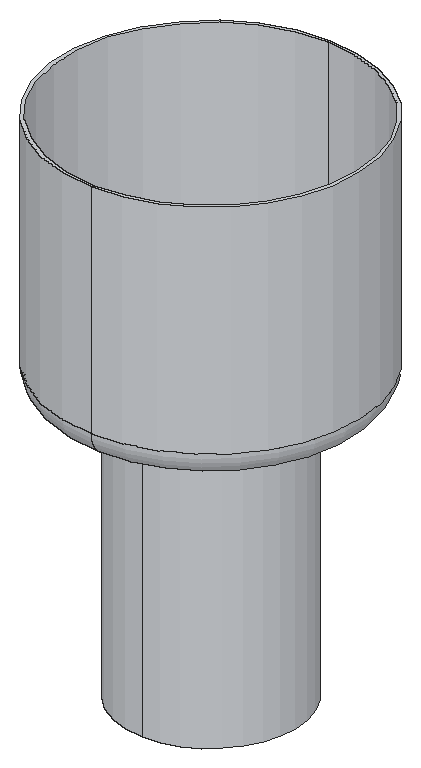
Revit family "RS565.100", category Sanitärinstallationen, Revit 2020
Family settings
  Bemaßung runder Anschluss = Durchmesser verwenden
  Teiletyp = Normal
  Arbeitsebenenbasiert = Nein
  Immer vertikal = Ja
  Beim Laden mit Abzugskörper schneiden = Nein
  Gemeinsam genutzt = Nein
  Raumberechnungspunkt = Nein
Parameters
  Übergangsbride [instance] = no
  Vorgabe-Ansicht = 0 mm
  URL = "https://www.resitec.ch/"
  RSsp_H1 [instance] = Höhe - 23 mm  # 335 mm
  RS_s001 = 2 mm
  RS_dimH-mountplate [instance] = 110 mm
  RS_dimH-Rost [instance] = 69 mm
  RS_dim001 = 80.135 mm
  RS_dim002 = 142 mm
  RS_dim003 = RS_dim001 + 5 mm  # 85.135 mm
  RS_dia002 = 150 mm
  RS_dia001 = 245 mm  # constant formula
  RS_DVol-T = 345 mm
  RS_DVol-L = 345 mm
  RS_DN2 = 0 mm
  RS_DN1d = 110 mm
  RS_DN1 = 100 mm
  RS_AVol-T = 129 mm
  RS_AVol-L = 129 mm
  RS_AVol-H = 200 mm
  RS_URL = "https://resitec.ch/entwaesserungstechnik/glockensifons/?tx_resitecprodukte_produktliste%5Bprodukt%5D=81&tx_resitecprodukte_produktliste%5Baction%5D=show&tx_resitecprodukte_produktliste%5Bcontroller%5D=Produkt&cHash=6d57d6ed01fa84a4cd1852db563116bd"
  RS_Rost_h1 [instance] = 23 mm  # constant formula
  RS_Rost_Typ [instance] = "RS511.2.145"
  RS_Manufacture = "Resitec"  # constant formula
  RS_Description [instance] = "Bodenablauf aus rostfreiem Stahl 1.4404 gebeizt, Typ RS 500K/100 mit Schlitzrost barfuss begehbar."
  RS_Articelnumber [instance] = "RS524.100"
  RS_Add_1 [instance] = ""
  Klebeblech mit Epoxidgrundierung = no
  Höhe [instance] = 358 mm
  Hersteller = RS_Manufacture  # "Resitec"
  Description = ""
  Baugruppenkennzeichen = "D2030300"
  Anschlusswert DU L/s = 0
Reference planes
  plane 1 "Mitte (Vorne/hinten)": y = 0
  plane 2: z = 0
  plane 3 "Mitte (Links/rechts)": x = 0
  plane 4: z = -335
  plane 5: z = 10
  plane 6: x = 172.5
  plane 7: y = 172.5
  plane 8: x = -172.5
  plane 9: y = -172.5
  plane 10: y = 64.5
  plane 11: x = 64.5
  plane 12: x = -64.5
  plane 13: y = -64.5
  plane 14: z = 23
  plane 15: z = -7.5
  plane 16: z = 2
  plane 17: z = -110
  plane 18: x = -122.5
  plane 19: y = 122.5
  plane 20: x = 122.5
  plane 21: y = -122.5
  plane 22: z = 0
Lines and regions (mm)
  reference lines
    curve 1: line (-60, 0, 0) -> (60, 0, 0)
    curve 2: line (0, 60, 0) -> (0, -60, 0)
    curve 3: line (-55.15, 0, 0) -> (55.15, 0, 0)
    curve 4: line (0, 55.15, 0) -> (0, -55.15, 0)
    curve 5: line (-70.5, 0, 0) -> (70.5, 0, 0)
    curve 6: line (0, -70.5, 0) -> (0, 70.5, 0)
Dimensions and locks
  "RSsp_H1": level to plane 4
  equal spacing: plane 7, plane 1 "Mitte (Vorne/hinten)", plane 9
  equal spacing: plane 8, plane 3 "Mitte (Links/rechts)", plane 6
  "RS_DVol-T": plane 7 to plane 9
  "RS_DVol-L": plane 8 to plane 6
  equal spacing: plane 12, plane 3 "Mitte (Links/rechts)", plane 11
  "RS_AVol-L": plane 12 to plane 11
  equal spacing: plane 10, plane 1 "Mitte (Vorne/hinten)", plane 13
  "RS_AVol-T": plane 10 to plane 13
  "RS_s001": plane 16 to level
  "RS_Rost_h1": plane 14 to level
  level to plane 17 = 110 mm
  "RS_dia001": plane 18 to plane 20
  "RS_dia001": plane 19 to plane 21
  equal spacing: plane 18, plane 3 "Mitte (Links/rechts)", plane 20
  equal spacing: plane 19, plane 1 "Mitte (Vorne/hinten)", plane 21
  locked: level to plane 15 at 7.5
  plane 14 to plane 22 = 23 mm
  aligned and locked: level to plane 2
  aligned and locked: nested 1 to level
  aligned and locked: level to plane 22
Automatic sketch dimensions
  plane 1 "Mitte (Vorne/hinten)" to curve 5 = 0 mm
  plane 1 "Mitte (Vorne/hinten)" to curve 1 = 0 mm
  plane 1 "Mitte (Vorne/hinten)" to curve 3 = 0 mm
  curve 2 to plane 3 "Mitte (Links/rechts)" = 0 mm
  curve 6 to plane 3 "Mitte (Links/rechts)" = 0 mm
  curve 4 to plane 3 "Mitte (Links/rechts)" = 0 mm
  curve 3 to plane 3 "Mitte (Links/rechts)" = 55.15 mm
  curve 1 to curve 3 = 4.85 mm
  curve 5 to curve 1 = 10.5 mm
  plane 3 "Mitte (Links/rechts)" to curve 3 = 55.15 mm
  curve 3 to curve 1 = 4.85 mm
  curve 1 to curve 5 = 10.5 mm
  plane 1 "Mitte (Vorne/hinten)" to curve 4 = 55.15 mm
  curve 2 to curve 4 = 4.85 mm
  curve 6 to curve 2 = 10.5 mm
  curve 4 to plane 1 "Mitte (Vorne/hinten)" = 55.15 mm
  curve 4 to curve 2 = 4.85 mm
  curve 2 to curve 6 = 10.5 mm
Nested families
  nested 1: "RS561K.xx" at (0, 0, 0), RSsp_H1 <- "RSsp_H1", type "DN100"
    with Übergangsbride no, Rückstaudichtung RS644.60 no, RSsp_H1 335 mm, RS_dimH-Rost 279 mm, RS_Rost_h1 317 mm, RS_Rost_Typ "RS511.2.145", RS_Description "Glockensifon aus rostfreiem Stahl 1.4404 gebeizt, Typ RS 425/70, bestehend aus: Ablaufteil mit Abgang ø 63.5 mm, vertikal Lochrost 4 mm ø 124 mm aus rostfreiem Stahl 1.4301 gebeizt mit angeschweisster Glocke, barfuss begehbar und mit Rollstuhl befahrbar", RS_Articelnumber "RS425.60.4.129", RS_Add_1 "", Höhe 345 mm
Connectors
  piping at (0, 0, -335), diameter 100, driven by "RS_DN1"
    settings: on nested 1, index 1, connector inside diameter 609.6 mm, connector length 0 mm, flow factor 0, pipe flow 0.0 L/s, pressure drop 0.0 Pa, fitting loss kfactor 0, connector angle 0.00°, fixture units 0, engagement length 0 mm, angle of deflection 0.00°, flow configuration 0, flow direction 0, fitting loss method 0, system type 16, joint type 0, gender type 0, connector reference index -1, connector utility 0, adjustable connector no, is connector primary yes, connector description ""
Definition of nested family "RS561K.xx"
  Parameters (values of type "DN100")
    Übergangsbride [instance] = no
    Default Elevation = 0 mm
    URL = "https://www.resitec.ch/"
    RSsp_H1 [instance] = 345 mm
    RS_s001 = 3 mm
    RS_dimH-Rost [instance] = RS_Rost_h1 - 38 mm  # 279 mm
    RS_dim001 = 159 mm
    RS_dim002 = RS_dim001  # 159 mm
    RS_dim003 = 25 mm
    RS_dia002 = 130 mm
    RS_dia001 = 192 mm
    RS_DVol-T = 300 mm
    RS_DVol-L = 300 mm
    RS_DN2 = 0 mm
    RS_DN1d = 110 mm
    RS_DN1 = 100 mm
    RS_AVol-T = 129 mm
    RS_AVol-L = 129 mm
    RS_AVol-H = 200 mm
    RS_URL = ""
    RS_Rost_h1 [instance] = 317 mm
    RS_Rost_Typ [instance] = ""
    RS_Manufacture = "Resitec"  # constant formula
    RS_Description [instance] = "Glockensifon aus rostfreiem Stahl 1.4404 gebeizt, Typ RS 425/70, bestehend aus: Ablaufteil mit Abgang ø 63.5 mm, vertikal Lochrost 4 mm ø 124 mm aus rostfreiem Stahl 1.4301 gebeizt mit angeschweisster Glocke, barfuss begehbar und mit Rollstuhl befahrbar"  # constant formula
    RS_Articelnumber [instance] = "RS519.245"
    RS_Add_1 [instance] = ""
    Rückstaudichtung RS644.60 [instance] = no
    Höhe [instance] = 345 mm
    Manufacturer = RS_Manufacture  # "Resitec"
    Description = ""
    Assembly Code = "D2030300"
    Anschlusswert DU L/s = 0
  Types (5, lengths in mm): name | RSsp_H1 | RS_dim001 | RS_dim002 | RS_dia001 | RS_DN1d | RS_DN1 | RS_URL | RS_Rost_Typ | RS_Articelnumber
    DN40 | 335.757 | 122 | 122 | 129 | 48 | 40 | "https://resitec.ch/entwaesserungstechnik/bodenablauf/?tx_resitecprodukte_produktliste%5Bprodukt%5D=1&tx_resitecprodukte_produktliste%5Baction%5D=show&tx_resitecprodukte_produktliste%5Bcontroller%5D=Produkt&cHash=cee8b11d3745fbe960417df4e1698a16" | "RS511.2.145" | "RS425.60.4.129"
    DN60 | 335.757 | 122 | 122 | 129 | 63 | 60 | "https://resitec.ch/entwaesserungstechnik/glockensifons/?tx_resitecprodukte_produktliste%5Bprodukt%5D=71&tx_resitecprodukte_produktliste%5Baction%5D=show&tx_resitecprodukte_produktliste%5Bcontroller%5D=Produkt&cHash=81896261f04a31d1bb8fc8234e01d3bc" | "RS511.2.145" | "RS425.60.4.129"
    DN70 | 345 | 122 | 122 | 129 | 76 | 70 | "" | "" | "RS561K.xx"
    DN80 | 345 | 159 | 159 | 192 | 89 | 80 | "" | "" | "RS519.245"
    DN100 | 345 | 159 | 159 | 192 | 110 | 100 | "" | "" | "RS519.245"
  Reference planes
    plane 1 "Mitte (Vorne/hinten)": y = 0
    plane 2: z = 0
    plane 3 "Mitte (Links/rechts)": x = 0
    plane 4: y = -96
    plane 5: y = 96
    plane 6: z = -159
    plane 7: z = -159
    plane 8: y = -55
    plane 9: y = 55
    plane 10: z = -345
  Forms (mm)
    Revolve 1, solid
      sketch origin (0, 0, 0) x (0, 1, 0) y (0, 0, 1)
        loop
          line (0, -159.078) -> (0, -345) -> (55, -345) -> (55, -159.078) -> (0, -159.078)
        axis (0, -159.078) -> (0, -345)
      angle from 0 to 360
    Revolve 2, solid
      sketch origin (0, 0, 0) x (0, 1, 0) y (0, 0, 1)
        loop
          line (-96, 0) -> (-96, -142.204)
          arc (-96, -142.204) -> (-91.081, -154.081) -> (-79.204, -159) r 16.796
          line (-79.204, -159) -> (0, -159) -> (0, -157) -> (-81.272, -157)
          arc (-81.272, -157) -> (-90.272, -153.272) -> (-94, -144.272) r 12.728
          line (-94, -144.272) -> (-94, 0) -> (-96, 0)
        axis (0, -159) -> (0, 0)
      angle from 0 to 360
  Dimensions and locks
    "RS_dia001": plane 4 to plane 5
    equal spacing: plane 4, plane 1 "Mitte (Vorne/hinten)", plane 5
    "RS_dim001": level to plane 7
    "RS_dim002": level to plane 6
    "RS_DN1d": plane 8 to plane 9
    equal spacing: plane 8, plane 1 "Mitte (Vorne/hinten)", plane 9
    Revolve 2 sketch curve to Revolve 2 sketch curve = 2 mm  (x2)
    "RSsp_H1": level to plane 10
    radius of Revolve 2 sketch curve = 12.728 mm
    radius of Revolve 2 sketch curve = 16.796 mm
    aligned and locked: level to plane 2
    aligned and locked: Revolve 1 sketch curve to plane 1 "Mitte (Vorne/hinten)"
    aligned and locked: plane 9 to Revolve 1 sketch curve
    aligned and locked: Revolve 1 sketch curve to Revolve 1 sketch curve
    aligned and locked: level to Revolve 2 sketch curve
    aligned and locked: Revolve 2 sketch curve to plane 1 "Mitte (Vorne/hinten)"  (x2)
    aligned and locked: Revolve 2 sketch curve to plane 7
    aligned and locked: plane 4 to Revolve 2 sketch curve
    aligned and locked: plane 10 to Revolve 1
  Automatic sketch dimensions
    Revolve 1 sketch curve to plane 9 = 0 mm
    Revolve 1 sketch curve to plane 6 = 0 mm
    Revolve 1 sketch curve to Revolve 1 sketch curve = 196.243 mm
    Revolve 1 sketch curve to plane 6 = 0.078 mm
    Revolve 2 sketch curve to plane 6 = 20 mm
    level to Revolve 2 sketch curve = 13 mm
    Revolve 1 sketch curve to Revolve 1 sketch curve = 185.922 mm
  Connectors
    piping at (0, 0, -345), diameter 100, driven by "RS_DN1"
      settings: on Revolve 1, index 1, connector inside diameter 609.6 mm, connector length 0 mm, flow factor 0, pipe flow 0.0 L/s, pressure drop 0.0 Pa, fitting loss kfactor 0, connector angle 0.00°, fixture units 0, engagement length 0 mm, angle of deflection 0.00°, flow configuration 0, flow direction 0, fitting loss method 0, system type 7, joint type 0, gender type 0, connector reference index -1, connector utility 0, adjustable connector no, is connector primary yes, connector description ""
